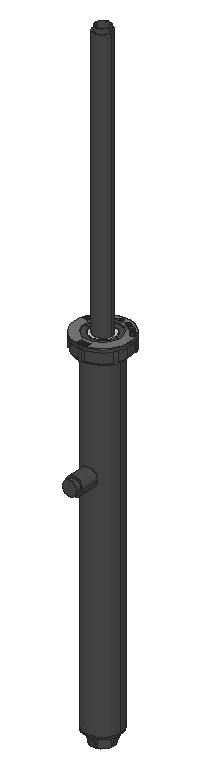
Revit family "Spray Bodies 1800-SAM-PRS Series", category Acessórios do tubo, Revit 2020
Family settings
  Cota do conector redondo = Utilizar diâmetro
  Tipo de parte = Normal
  Número OmniClass = 23.60.30.11.14
  Título OmniClass = Pipework Fittings
  Com base no plano de trabalho = Não
  Sempre na vertical = Sim
  Corte com vazios quando carregada = Não
  Compartilhado = Não
Parameters (values of type "1812-SAM-PRS")
  White Plastic = White Plastic
  URL = "https://www.rainbird.com/"
  SupportProjetos: Reviw Date = "15/11/2020"  # constant formula
  SupportProjetos: Reviw = "R01"  # constant formula
  SupportProjetos: Level of Detail = "LOD 300"  # constant formula
  SupportProjetos: Developed = "MICHEL SOARES MOTA"  # constant formula
  SupportProjetos: Creation Date = "13/07/2020"  # constant formula
  Side inlet = Model > 1805  # yes
  RainBird: Product Link = "https://store.rainbird.com/sprinklers/spray-heads.html?sprays_sprayheadseries=117"
  RainBird: Description = "Spray Bodies Serie 1800 - Model 1812-SAM-PRS"
  RainBird: Comment [instance] = ""
  RainBird: Code = "A43816"
  RT = 0.3015 cm
  RN = 1 cm
  R5 = 1 cm
  R4 = 1.25 cm
  R3 = 2 cm
  R2 = 2.85 cm
  R1 = 1 cm
  R-VAN = yes
  Pop up height = 30.5 cm
  Pop up on [instance] = yes
  Modelo = "1812-SAM-PRS"
  Model = 1812
  H1 = Body height / 3  # 13.5333 cm
  Elevação padrão = 0 cm
  Descrição = RainBird: Description  # "Spray Bodies Serie 1800 - Model 1812-SAM-PRS"
  DT8 = 0.08 cm
  DT7 = 3.05 cm
  DT6 = 2 cm
  DT5 = 0.12 cm
  DT4 = 0.5 cm
  DT3 = 0.7973 cm
  DT2 = 1 cm
  DT1 = 1.4 cm
  DD9 = 2 cm
  DD8 [instance] = if(Pop up on, Pop up height, 0 cm)  # 30.5 cm
  DD7 = 0.6 cm
  DD6 = 0.3 cm
  DD5 = 0.2 cm
  DD3 = 1.8 cm
  DD2 = 0.5 cm
  DD13 = 1.5 cm
  DD12 [instance] = if(Pop up on, Pop up height + 1.51 cm, 0 cm)  # 32.01 cm
  DD11 = 0.6254 cm
  DD10 = 2.5 cm
  DD1 = 1.2 cm
  Conection = 1.91 cm  # constant formula
  Body height = 40.6 cm
  Black Plastic 2 = Black Plastic 2
  Black Plastic = Black Plastic
  Arch Angle [instance] = 180.00°
  AA1 = 135.00°
  1812 = yes
  1806 = no
  1804 = no
  180 = no
Types (4, lengths in cm): name | Side inlet | RainBird: Description | RainBird: Code | Pop up height | Modelo | Model | H1 | Descrição | DD9 | DD8 | DD12 | DD11 | DD10 | Body height | 1812 | 1806 | 1804 | 180
  (no name) | yes | "Spray Bodies Serie 1800 - Model 1812-SAM-PRS" | "A43816" | 30.5 | "1812-SAM-PRS" | 1812 | 13.5333 | "Spray Bodies Serie 1800 - Model 1812-SAM-PRS" | 2 | 30.5 | 32.01 | 0.6254 | 2.5 | 40.6 | yes | no | no | no
  1804-SAM-PRS | no | "Spray Bodies Serie 1800 - Model 1804-SAM-PRS" | "A44916" | 10.2 | "1804-SAM-PRS" | 1804 | 5.0667 | "Spray Bodies Serie 1800 - Model 1804-SAM-PRS" | 1.3673 | 10.2 | 11.71 | 0.2 | 2.7818 | 15.2 | no | no | yes | yes
  1806-SAM-PRS | yes | "Spray Bodies Serie 1800 - Model 1806-SAM-PRS" | "A43716" | 15.2 | "1806-SAM-PRS" | 1806 | 7.9333 | "Spray Bodies Serie 1800 - Model 1806-SAM-PRS" | 1.3673 | 15.2 | 16.71 | 0.1 | 2.7818 | 23.8 | no | yes | no | yes
  1812-SAM-PRS | yes | "Spray Bodies Serie 1800 - Model 1812-SAM-PRS" | "A43816" | 30.5 | "1812-SAM-PRS" | 1812 | 13.5333 | "Spray Bodies Serie 1800 - Model 1812-SAM-PRS" | 2 | 30.5 | 32.01 | 0.6254 | 2.5 | 40.6 | yes | no | no | no
Reference planes (cm)
  plane 1 "Centro (Frente/Trás)": y = 0
  plane 2: z = 0
  plane 3 "Centro (Esquerda/Direita)": x = 0
  plane 4: z = 0.12
  plane 5: z = 0.08
  plane 6: y = -2
Forms (cm)
  Revolve 1, solid, material "Black Plastic" <- "Black Plastic"
    sketch origin (0, 0, 0) x (1, 0, 0) y (0, 0, 1)
      loop
        line (2.85, -1.5672) -> (2.85, -0.3) -> (3.05, -0.3) -> (3.05, 0) -> (1.4, 0) -> (1.4, -1) -> (1, -1) -> (1, -30.5) -> (0.6, -30.5) -> (0.6, -39.4) -> (1, -39.4) -> (1, -40.6) -> (1.25, -40.6) -> (1.25, -39.4) -> (1.6985, -39.4)
        arc (1.6985, -39.4) -> (1.9117, -39.3117) -> (2, -39.0985) r 0.3015
        line (2, -39.0985) -> (2, -2.1015)
        arc (2, -2.1015) -> (2.0883, -1.8883) -> (2.3015, -1.8) r 0.3015
        line (2.3015, -1.8) -> (2.6172, -1.8) -> (2.85, -1.5672)
      axis (0, -40.6) -> (0, 0)
    angle from 0 to 360
  Extrusion 2, solid, material "Black Plastic" <- "Black Plastic"
    sketch origin (0, 0, 0) x (1, 0, 0) y (0, 1, 0)
      loop
        circle (0, 0) r 1
    from -30.5 to 30.5
  Extrusion 3, void
    sketch origin (0, 0, 0) x (1, 0, 0) y (0, 1, 0)
      loop
        circle (0, 0) r 1
      loop
        circle (0, 0) r 0.7973
    from 30 to 30.5
  Extrusion 4, solid, material "Black Plastic" <- "Black Plastic", visible <- "180"
    sketch origin (0, -2.5, 0) x (1, 0, 0) y (0, 1, 0)
      loop
        line (-2.231, 3.2135) -> (-2.1644, 3.3339) -> (-2.3679, 3.3844) -> (-2.2992, 3.5085) -> (-2.0365, 3.4904) -> (-1.9715, 3.608) -> (-2.2887, 3.6298) -> (-2.4263, 3.706) -> (-2.6398, 3.6445) -> (-2.8298, 3.3622) -> (-2.231, 3.2135)
      loop
        line (-2.6663, 3.4585) -> (-2.4339, 3.4008) -> (-2.3526, 3.5478) -> (-2.4178, 3.6107) -> (-2.5587, 3.5701) -> (-2.6663, 3.4585)
      loop
        line (-1.9163, 3.7039) -> (-1.8175, 3.8064) -> (-1.8808, 3.8933) -> (-1.7232, 4.0568) -> (-1.6371, 4.0092) -> (-1.5763, 4.1193) -> (-2.1283, 4.1963) -> (-2.2118, 4.1098) -> (-1.9163, 3.7039)
      loop
        line (-2.0723, 4.0915) -> (-1.9537, 3.9286) -> (-1.8139, 4.0736) -> (-2.0723, 4.0915)
      loop
        line (-1.8177, 4.5186) -> (-1.3486, 4.2146) -> (-1.2727, 4.2934) -> (-1.7417, 4.5974) -> (-1.8177, 4.5186)
      loop
        line (-1.1151, 4.372) -> (-1.0305, 4.4599) -> (-1.2636, 4.6846) -> (-0.7593, 4.6142) -> (-0.6667, 4.7103) -> (-1.0803, 5.0567) -> (-1.1605, 4.9984) -> (-0.8466, 4.7354) -> (-1.4131, 4.8145) -> (-1.5049, 4.7477) -> (-1.1151, 4.372)
      loop
        line (-0.4562, 4.9237) -> (-0.283, 4.8466) -> (-0.0843, 4.7934) -> (0, 4.9138) -> (0.2358, 4.8722) -> (0.2981, 4.9345) -> (0.116, 5.0156) -> (0.2085, 5.1477) -> (-0.0336, 5.3172) -> (-0.0336, 5.1849) -> (-0.0336, 5.0821) -> (-0.1724, 5.1439) -> (-0.2428, 5.1033) -> (-0.1476, 5.0081) -> (-0.274, 4.9621) -> (-0.4562, 4.9237)
      loop
        line (0.6147, 4.7728) -> (0.9327, 4.5929) -> (1.0885, 4.5721) -> (1.1808, 4.6694) -> (1.1317, 4.7723) -> (1.2619, 4.7549) -> (1.334, 4.8309) -> (1.2754, 4.9539) -> (0.9573, 5.1338) -> (0.6147, 4.7728)
      loop
        line (0.8462, 4.8897) -> (0.7501, 4.7884) -> (0.9556, 4.6722) -> (1.0744, 4.6732) -> (1.0734, 4.7801) -> (0.8462, 4.8897)
      loop
        line (0.9989, 5.0507) -> (0.9222, 4.9699) -> (1.1173, 4.8595) -> (1.2037, 4.8602) -> (1.1883, 4.9435) -> (0.9989, 5.0507)
      loop
        line (1.2199, 4.4305) -> (1.3171, 4.3754) -> (1.7079, 4.7092) -> (1.6106, 4.7642) -> (1.2199, 4.4305)
      loop
        line (1.9335, 4.5079) -> (1.472, 4.2878) -> (1.5637, 4.2008) -> (1.7245, 4.2775) -> (1.8813, 4.1484) -> (1.7689, 4.0299) -> (1.857, 3.9063) -> (1.985, 3.9976) -> (2.0031, 4.1334) -> (2.1114, 4.0951) -> (2.2369, 4.155) -> (2.156, 4.3246) -> (1.9335, 4.5079)
      loop
        line (1.9261, 4.4053) -> (1.8225, 4.3559) -> (1.9436, 4.2141) -> (2.1112, 4.2155) -> (2.0556, 4.3321) -> (1.9261, 4.4053)
      loop
        line (1.9557, 3.8215) -> (2.1968, 3.4836) -> (2.3925, 3.4143) -> (2.7137, 3.5675) -> (2.6804, 3.6964) -> (2.4921, 3.9603) -> (1.9557, 3.8215)
      loop
        line (2.1302, 3.7523) -> (2.2577, 3.5736) -> (2.4889, 3.5756) -> (2.5959, 3.652) -> (2.4629, 3.8384) -> (2.1302, 3.7523)
      loop
        line (-0.516, -0.0627) -> (-0.4245, -0.0627) -> (-0.4245, -0.3834) -> (-0.3366, -0.3834) -> (-0.3366, 0.1166) -> (-0.516, -0.0627)
      loop
        line (-0.2745, 0.1165) -> (-0.2745, -0.3834) -> (-0.0345, -0.3834) -> (-0.0345, 0.1165) -> (-0.2745, 0.1165)
      loop
        line (-0.1945, 0.0365) -> (-0.1945, -0.0861) -> (-0.1145, -0.0861) -> (-0.1145, 0.0365) -> (-0.1945, 0.0365)
      loop
        line (-0.1945, -0.1661) -> (-0.1945, -0.3034) -> (-0.1145, -0.3034) -> (-0.1145, -0.1661) -> (-0.1945, -0.1661)
      loop
        line (0.0395, 0.1165) -> (0.0395, -0.3834) -> (0.2795, -0.3834) -> (0.2795, 0.1165) -> (0.0395, 0.1165)
      loop
        line (0.1195, 0.0365) -> (0.1195, -0.3034) -> (0.1995, -0.3034) -> (0.1995, 0.0365) -> (0.1195, 0.0365)
    from 0 to 0.12
  Extrusion 5, solid, material "Black Plastic 2" <- "Black Plastic 2"
    sketch origin (0, 0, 0) x (1, 0, 0) y (0, 1, 0)
      loop
        circle (0, 0) r 3.05
      loop
        circle (0, 0) r 2
    from 0 to 0.08
  Extrusion 6, solid, material "Black Plastic" <- "Black Plastic", visible <- "Side inlet"
    sketch origin (0, 0, 0) x (1, 0, 0) y (0, 0, 1)
      loop
        circle (0, -13.5333) r 1
    from 2 to 4
  Extrusion 7, solid, material "Black Plastic" <- "Black Plastic", visible <- "Side inlet"
    sketch origin (0, 0, 0) x (1, 0, 0) y (0, 0, 1)
      loop
        circle (0, -13.5333) r 0.7964
    from 4 to 4.5
  Extrusion 8, void
    sketch origin (0, 0, 0) x (1, 0, 0) y (0, 1, 0)
      loop
        circle (0, 0) r 0.6963
    from -30.5 to 30.5
  Extrusion 9, solid, material "Black Plastic" <- "Black Plastic"
    sketch origin (0, 0, 0) x (0, 1, 0) y (0, 0, 1)
      loop
        line (1.25, -39.4) -> (1.25, -40.6) -> (1.75, -39.4) -> (1.25, -39.4)
      loop
        line (-1.25, -39.4) -> (-1.75, -39.4) -> (-1.25, -40.6) -> (-1.25, -39.4)
    from -0.3127 to 0.3127
  Extrusion 10, solid, material "Black Plastic" <- "Black Plastic"
    sketch origin (0, 0, 0) x (-1, 0, 0) y (0, 0, 1)
      loop
        line (1.25, -39.4) -> (1.25, -40.6) -> (1.75, -39.4) -> (1.25, -39.4)
      loop
        line (-1.25, -39.4) -> (-1.75, -39.4) -> (-1.25, -40.6) -> (-1.25, -39.4)
    from -0.3127 to 0.3127
  Extrusion 11, solid, material "Black Plastic" <- "Black Plastic", visible <- "1804"
    sketch origin (0.5778, -2.5, 0) x (1, 0, 0) y (0, 1, 0)
      loop
        line (-0.268, -0.156) -> (-0.108, -0.156) -> (-0.108, -0.3834) -> (-0.024, -0.3834) -> (-0.024, 0.1165) -> (-0.108, 0.1165) -> (-0.108, -0.0861) -> (-0.188, -0.0861) -> (-0.188, 0.1165) -> (-0.268, 0.1165) -> (-0.268, -0.156)
    from 0 to 0.12
  Extrusion 12, solid, material "Black Plastic" <- "Black Plastic", visible <- "1806"
    sketch origin (0.5778, -2.5, 0) x (1, 0, 0) y (0, 1, 0)
      loop
        line (-0.268, -0.3834) -> (-0.024, -0.3834) -> (-0.024, -0.0861) -> (-0.188, -0.0861) -> (-0.188, 0.0365) -> (-0.024, 0.0365) -> (-0.024, 0.1165) -> (-0.268, 0.1165) -> (-0.268, -0.3834)
      loop
        line (-0.188, -0.1661) -> (-0.188, -0.3034) -> (-0.108, -0.3034) -> (-0.108, -0.1661) -> (-0.188, -0.1661)
    from 0 to 0.12
  Extrusion 13, solid, material "Black Plastic" <- "Black Plastic", visible <- "1812"
    sketch origin (0, -2.5, 0) x (1, 0, 0) y (0, 1, 0)
      loop
        line (-2.231, 3.2135) -> (-2.1644, 3.3339) -> (-2.3679, 3.3844) -> (-2.2992, 3.5085) -> (-2.0365, 3.4904) -> (-1.9715, 3.608) -> (-2.2887, 3.6298) -> (-2.4263, 3.706) -> (-2.6398, 3.6445) -> (-2.8298, 3.3622) -> (-2.231, 3.2135)
      loop
        line (-2.6663, 3.4585) -> (-2.4339, 3.4008) -> (-2.3526, 3.5478) -> (-2.4178, 3.6107) -> (-2.5587, 3.5701) -> (-2.6663, 3.4585)
      loop
        line (-1.9163, 3.7039) -> (-1.8175, 3.8064) -> (-1.8808, 3.8933) -> (-1.7232, 4.0568) -> (-1.6371, 4.0092) -> (-1.5763, 4.1193) -> (-2.1283, 4.1963) -> (-2.2118, 4.1098) -> (-1.9163, 3.7039)
      loop
        line (-2.0723, 4.0915) -> (-1.9537, 3.9286) -> (-1.8139, 4.0736) -> (-2.0723, 4.0915)
      loop
        line (-1.8177, 4.5186) -> (-1.3486, 4.2146) -> (-1.2727, 4.2934) -> (-1.7417, 4.5974) -> (-1.8177, 4.5186)
      loop
        line (-1.1151, 4.372) -> (-1.0305, 4.4599) -> (-1.2636, 4.6846) -> (-0.7593, 4.6142) -> (-0.6667, 4.7103) -> (-1.0803, 5.0567) -> (-1.1605, 4.9984) -> (-0.8466, 4.7354) -> (-1.4131, 4.8145) -> (-1.5049, 4.7477) -> (-1.1151, 4.372)
      loop
        line (-0.4562, 4.9237) -> (-0.283, 4.8466) -> (-0.0843, 4.7934) -> (0, 4.9138) -> (0.2358, 4.8722) -> (0.2981, 4.9345) -> (0.116, 5.0156) -> (0.2085, 5.1477) -> (-0.0336, 5.3172) -> (-0.0336, 5.1849) -> (-0.0336, 5.0821) -> (-0.1724, 5.1439) -> (-0.2428, 5.1033) -> (-0.1476, 5.0081) -> (-0.274, 4.9621) -> (-0.4562, 4.9237)
      loop
        line (0.6147, 4.7728) -> (0.9327, 4.5929) -> (1.0885, 4.5721) -> (1.1808, 4.6694) -> (1.1317, 4.7723) -> (1.2619, 4.7549) -> (1.334, 4.8309) -> (1.2754, 4.9539) -> (0.9573, 5.1338) -> (0.6147, 4.7728)
      loop
        line (0.8462, 4.8897) -> (0.7501, 4.7884) -> (0.9556, 4.6722) -> (1.0744, 4.6732) -> (1.0734, 4.7801) -> (0.8462, 4.8897)
      loop
        line (0.9989, 5.0507) -> (0.9222, 4.9699) -> (1.1173, 4.8595) -> (1.2037, 4.8602) -> (1.1883, 4.9435) -> (0.9989, 5.0507)
      loop
        line (1.2199, 4.4305) -> (1.3171, 4.3754) -> (1.7079, 4.7092) -> (1.6106, 4.7642) -> (1.2199, 4.4305)
      loop
        line (1.9335, 4.5079) -> (1.472, 4.2878) -> (1.5637, 4.2008) -> (1.7245, 4.2775) -> (1.8813, 4.1484) -> (1.7689, 4.0299) -> (1.857, 3.9063) -> (1.985, 3.9976) -> (2.0031, 4.1334) -> (2.1114, 4.0951) -> (2.2369, 4.155) -> (2.156, 4.3246) -> (1.9335, 4.5079)
      loop
        line (1.9261, 4.4053) -> (1.8225, 4.3559) -> (1.9436, 4.2141) -> (2.1112, 4.2155) -> (2.0556, 4.3321) -> (1.9261, 4.4053)
      loop
        line (1.9557, 3.8215) -> (2.1968, 3.4836) -> (2.3925, 3.4143) -> (2.7137, 3.5675) -> (2.6804, 3.6964) -> (2.4921, 3.9603) -> (1.9557, 3.8215)
      loop
        line (2.1302, 3.7523) -> (2.2577, 3.5736) -> (2.4889, 3.5756) -> (2.5959, 3.652) -> (2.4629, 3.8384) -> (2.1302, 3.7523)
      loop
        line (-0.516, -0.0625) -> (-0.4245, -0.0625) -> (-0.4245, -0.3832) -> (-0.3366, -0.3832) -> (-0.3366, 0.1168) -> (-0.516, -0.0625)
      loop
        line (-0.2745, 0.1166) -> (-0.2745, -0.3832) -> (-0.0345, -0.3832) -> (-0.0345, 0.1166) -> (-0.2745, 0.1166)
      loop
        line (-0.1945, 0.0366) -> (-0.1945, -0.086) -> (-0.1145, -0.086) -> (-0.1145, 0.0366) -> (-0.1945, 0.0366)
      loop
        line (-0.1945, -0.166) -> (-0.1945, -0.3032) -> (-0.1145, -0.3032) -> (-0.1145, -0.166) -> (-0.1945, -0.166)
      loop
        line (0.2795, 0.1166) -> (0.1002, -0.0625) -> (0.1916, -0.0625) -> (0.1916, -0.3831) -> (0.2795, -0.3831) -> (0.2795, 0.1166)
      loop
        line (0.3097, 0.1165) -> (0.3097, 0.0365) -> (0.4697, 0.0365) -> (0.4697, -0.0861) -> (0.3097, -0.0861) -> (0.3097, -0.3834) -> (0.5537, -0.3834) -> (0.5537, -0.3032) -> (0.3897, -0.3032) -> (0.3897, -0.1664) -> (0.5537, -0.1664) -> (0.5537, 0.1165) -> (0.3097, 0.1165)
    from 0 to 0.12
  Extrusion 14, solid, material "Black Plastic" <- "Black Plastic"
    sketch origin (0, 0, 0) x (1, 0, 0) y (0, 1, 0)
      loop
        line (-0.1873, 3.0442) -> (-0.1873, 2.8126)
        arc (-0.1873, 2.8126) -> (0, 2.8188) -> (0.1873, 2.8126) r 2.8188
        line (0.1873, 2.8126) -> (0.1873, 3.0442)
        arc (0.1873, 3.0442) -> (0, 3.05) -> (-0.1873, 3.0442) r 3.05
      loop
        arc (-0.1873, -3.0442) -> (0, -3.05) -> (0.1873, -3.0442) r 3.05
        line (0.1873, -3.0442) -> (0.1873, -2.8126)
        arc (0.1873, -2.8126) -> (0, -2.8188) -> (-0.1873, -2.8126) r 2.8188
        line (-0.1873, -2.8126) -> (-0.1873, -3.0442)
      loop
        line (-2.73, 1.3599) -> (-2.5294, 1.2441)
        arc (-2.5294, 1.2441) -> (-2.4411, 1.4094) -> (-2.3421, 1.5685) r 2.8188
        line (-2.3421, 1.5685) -> (-2.5427, 1.6843)
        arc (-2.5427, 1.6843) -> (-2.6414, 1.525) -> (-2.73, 1.3599) r 3.05
      loop
        arc (2.5427, -1.6843) -> (2.6414, -1.525) -> (2.73, -1.3599) r 3.05
        line (2.73, -1.3599) -> (2.5294, -1.2441)
        arc (2.5294, -1.2441) -> (2.4411, -1.4094) -> (2.3421, -1.5685) r 2.8188
        line (2.3421, -1.5685) -> (2.5427, -1.6843)
      loop
        line (-2.5427, -1.6843) -> (-2.3421, -1.5685)
        arc (-2.3421, -1.5685) -> (-2.4411, -1.4094) -> (-2.5294, -1.2441) r 2.8188
        line (-2.5294, -1.2441) -> (-2.73, -1.3599)
        arc (-2.73, -1.3599) -> (-2.6414, -1.525) -> (-2.5427, -1.6843) r 3.05
      loop
        arc (2.73, 1.3599) -> (2.6414, 1.525) -> (2.5427, 1.6843) r 3.05
        line (2.5427, 1.6843) -> (2.3421, 1.5685)
        arc (2.3421, 1.5685) -> (2.4411, 1.4094) -> (2.5294, 1.2441) r 2.8188
        line (2.5294, 1.2441) -> (2.73, 1.3599)
    from -1.5672 to -0.3
Cuts and joins
  Extrusion 3, Extrusion 8 cuts Extrusion 2
Dimensions and locks (cm)
  "Body height": level to Revolve 1 sketch curve
  "R2": Revolve 1 sketch curve to plane 3 "Centro (Esquerda/Direita)"
  "DD1": Revolve 1 sketch curve to Revolve 1 sketch curve
  "DD3": level to Revolve 1 sketch curve
  "R3": Revolve 1 sketch curve to plane 3 "Centro (Esquerda/Direita)"
  "R4": Revolve 1 sketch curve to plane 3 "Centro (Esquerda/Direita)"
  "DD5": Revolve 1 sketch curve to Revolve 1 sketch curve
  "DD6": level to Revolve 1 sketch curve
  "RN": Revolve 1 sketch curve to plane 3 "Centro (Esquerda/Direita)"
  "Pop up height": level to Revolve 1 sketch curve
  "R5": plane 3 "Centro (Esquerda/Direita)" to Revolve 1 sketch curve
  "DD7": Revolve 1 sketch curve to plane 3 "Centro (Esquerda/Direita)"
  "DT1": plane 3 "Centro (Esquerda/Direita)" to Revolve 1 sketch curve
  "DT2": level to Revolve 1 sketch curve
  "DD8": Extrusion 2 to level
  "DT4": cut or joined group of Extrusion 2, Extrusion 3, Extrusion 8 to cut or joined group of Extrusion 2, Extrusion 3, Extrusion 8
  "DT5": plane 4 to level
  "DT8": plane 5 to level
  "H1": level to Extrusion 6 sketch curve
  "R3": plane 6 to plane 1 "Centro (Frente/Trás)"
  "DD9": Extrusion 6 to plane 6
  locked: Extrusion 7 to Extrusion 6 at 0.5
  "H1": level to Extrusion 7 sketch curve
  equal spacing: Extrusion 9, plane 3 "Centro (Esquerda/Direita)", Extrusion 9
  "DD11": Extrusion 9 to Extrusion 9
  equal spacing: Extrusion 10, plane 1 "Centro (Frente/Trás)", Extrusion 10
  "DD11": Extrusion 10 to Extrusion 10
  plane 3 "Centro (Esquerda/Direita)" to Extrusion 14 = 0.1873 cm
  "RT": radius of Revolve 1 sketch curve  (x2)
  "R1": radius of Extrusion 2 sketch curve
  "R1": radius of Extrusion 3 sketch curve
  "DT3": radius of Extrusion 3 sketch curve
  "DT6": radius of Extrusion 5 sketch curve
  "DT7": radius of Extrusion 5 sketch curve
  "AA1": angle Revolve 1 sketch curve to Revolve 1 sketch curve
  aligned and locked: level to plane 2
  aligned and locked: level to Revolve 1 sketch curve
  aligned and locked: Revolve 1 sketch curve to Revolve 1 sketch curve
  aligned and locked: Extrusion 2 to Revolve 1
  aligned and locked: cut or joined group of Extrusion 2, Extrusion 3, Extrusion 8 to cut or joined group of Extrusion 2, Extrusion 3, Extrusion 8  (x3)
  aligned and locked: Extrusion 4 to level
  aligned and locked: plane 4 to Extrusion 4
  aligned and locked: Extrusion 5 to level
  aligned and locked: plane 5 to Extrusion 5
  aligned and locked: plane 6 to Extrusion 6
  aligned and locked: Extrusion 7 to Extrusion 6
  aligned and locked: Extrusion 9 to Revolve 1
  aligned and locked: Extrusion 10 to Revolve 1
  aligned and locked: Revolve 1 to Extrusion 10
  aligned and locked: Revolve 1 to Extrusion 9
  aligned and locked: Revolve 1 to Extrusion 14  (x2)
Automatic sketch dimensions
  plane 1 "Centro (Frente/Trás)" to Extrusion 2 sketch curve = 0 cm
  Extrusion 2 sketch curve to plane 3 "Centro (Esquerda/Direita)" = 0 cm
  Extrusion 4 sketch curve to plane 3 "Centro (Esquerda/Direita)" = 0 cm
  Extrusion 4 sketch curve to plane 3 "Centro (Esquerda/Direita)" = 0.0336 cm
  Extrusion 4 sketch curve to plane 3 "Centro (Esquerda/Direita)" = 0.0345 cm
  Extrusion 4 sketch curve to plane 3 "Centro (Esquerda/Direita)" = 0.0843 cm
  Extrusion 4 sketch curve to plane 3 "Centro (Esquerda/Direita)" = 0.1145 cm
  Extrusion 4 sketch curve to Extrusion 4 sketch curve = 0.08 cm  (x11)
  Extrusion 4 sketch curve to Extrusion 4 sketch curve = 0.114 cm
  Extrusion 4 sketch curve to Extrusion 4 sketch curve = 0.0248 cm
  Extrusion 4 sketch curve to Extrusion 4 sketch curve = 0.0704 cm
  Extrusion 4 sketch curve to Extrusion 4 sketch curve = 0.1264 cm
  Extrusion 4 sketch curve to Extrusion 4 sketch curve = 0.009 cm
  Extrusion 4 sketch curve to Extrusion 4 sketch curve = 0.0622 cm  (x3)
  Extrusion 4 sketch curve to Extrusion 4 sketch curve = 0.0879 cm
  Extrusion 4 sketch curve to Extrusion 4 sketch curve = 0.1822 cm
  Extrusion 4 sketch curve to Extrusion 4 sketch curve = 0.0914 cm
  Extrusion 4 sketch curve to Extrusion 4 sketch curve = 0.2105 cm
  Extrusion 4 sketch curve to Extrusion 4 sketch curve = 0.0927 cm
  Extrusion 4 sketch curve to Extrusion 4 sketch curve = 0.0872 cm  (x2)
  Extrusion 4 sketch curve to Extrusion 4 sketch curve = 0.2711 cm
  Extrusion 4 sketch curve to Extrusion 4 sketch curve = 0.2338 cm
  Extrusion 4 sketch curve to Extrusion 4 sketch curve = 0.0847 cm  (x2)
  Extrusion 4 sketch curve to Extrusion 4 sketch curve = 0.0802 cm
  Extrusion 4 sketch curve to Extrusion 4 sketch curve = 0.2331 cm
  Extrusion 4 sketch curve to Extrusion 4 sketch curve = 0.1575 cm
  Extrusion 4 sketch curve to Extrusion 4 sketch curve = 0.0759 cm  (x2)
  Extrusion 4 sketch curve to Extrusion 4 sketch curve = 0.1495 cm
  Extrusion 4 sketch curve to Extrusion 4 sketch curve = 0.0917 cm  (x2)
  Extrusion 4 sketch curve to Extrusion 4 sketch curve = 0.2277 cm
  Extrusion 4 sketch curve to Extrusion 4 sketch curve = 0.0609 cm  (x2)
  Extrusion 4 sketch curve to Extrusion 4 sketch curve = 0.0861 cm
  Extrusion 4 sketch curve to Extrusion 4 sketch curve = 0.2369 cm
  Extrusion 4 sketch curve to Extrusion 4 sketch curve = 0.0907 cm
  Extrusion 4 sketch curve to Extrusion 4 sketch curve = 0.0037 cm
  Extrusion 4 sketch curve to Extrusion 4 sketch curve = 0.0633 cm
  Extrusion 4 sketch curve to Extrusion 4 sketch curve = 0.0988 cm
  Extrusion 4 sketch curve to Extrusion 4 sketch curve = 0.0729 cm
  Extrusion 4 sketch curve to Extrusion 4 sketch curve = 0.0551 cm
  Extrusion 4 sketch curve to plane 1 "Centro (Frente/Trás)" = 0.9904 cm
  Extrusion 4 sketch curve to Extrusion 4 sketch curve = 0.065 cm
  Extrusion 4 sketch curve to Extrusion 4 sketch curve = 0.1186 cm
  Extrusion 4 sketch curve to Extrusion 4 sketch curve = 0.056 cm
  Extrusion 4 sketch curve to plane 1 "Centro (Frente/Trás)" = 0.8339 cm
  Extrusion 4 sketch curve to Extrusion 4 sketch curve = 0.1279 cm
  Extrusion 4 sketch curve to Extrusion 4 sketch curve = 0.0835 cm
  Extrusion 4 sketch curve to plane 1 "Centro (Frente/Trás)" = 0.7135 cm
  Extrusion 4 sketch curve to Extrusion 4 sketch curve = 0.0666 cm  (x2)
  Extrusion 4 sketch curve to plane 1 "Centro (Frente/Trás)" = 1.1298 cm
  Extrusion 4 sketch curve to Extrusion 4 sketch curve = 0.2521 cm
  Extrusion 4 sketch curve to plane 1 "Centro (Frente/Trás)" = 1.0085 cm
  Extrusion 4 sketch curve to Extrusion 4 sketch curve = 0.0106 cm
  Extrusion 4 sketch curve to plane 1 "Centro (Frente/Trás)" = 1.0478 cm
  Extrusion 4 sketch curve to Extrusion 4 sketch curve = 0.0534 cm
  Extrusion 4 sketch curve to plane 1 "Centro (Frente/Trás)" = 0.8844 cm
  Extrusion 4 sketch curve to Extrusion 4 sketch curve = 0.0686 cm
  Extrusion 4 sketch curve to plane 1 "Centro (Frente/Trás)" = 1.1107 cm
  Extrusion 4 sketch curve to Extrusion 4 sketch curve = 0.0652 cm
  Extrusion 4 sketch curve to plane 1 "Centro (Frente/Trás)" = 1.206 cm
  Extrusion 4 sketch curve to Extrusion 4 sketch curve = 0.0084 cm
  Extrusion 4 sketch curve to plane 1 "Centro (Frente/Trás)" = 0.9008 cm
  Extrusion 4 sketch curve to Extrusion 4 sketch curve = 0.066 cm
  Extrusion 4 sketch curve to plane 1 "Centro (Frente/Trás)" = 1.0701 cm
  Extrusion 4 sketch curve to Extrusion 4 sketch curve = 0.1408 cm
  Extrusion 4 sketch curve to plane 1 "Centro (Frente/Trás)" = 1.1445 cm
  Extrusion 4 sketch curve to Extrusion 4 sketch curve = 0.0811 cm  (x2)
  Extrusion 4 sketch curve to plane 1 "Centro (Frente/Trás)" = 0.9585 cm
  Extrusion 4 sketch curve to Extrusion 4 sketch curve = 0.1076 cm
  Extrusion 4 sketch curve to plane 1 "Centro (Frente/Trás)" = 0.8622 cm
  Extrusion 4 sketch curve to Extrusion 4 sketch curve = 0.1635 cm
  plane 3 "Centro (Esquerda/Direita)" to Extrusion 4 sketch curve = 0.0395 cm
  plane 3 "Centro (Esquerda/Direita)" to Extrusion 4 sketch curve = 0.116 cm
  Extrusion 4 sketch curve to Extrusion 4 sketch curve = 0.0925 cm
  Extrusion 4 sketch curve to Extrusion 4 sketch curve = 0.1199 cm
  Extrusion 4 sketch curve to Extrusion 4 sketch curve = 0.3166 cm
  Extrusion 4 sketch curve to Extrusion 4 sketch curve = 0.1353 cm
  Extrusion 4 sketch curve to Extrusion 4 sketch curve = 0.0961 cm  (x2)
  Extrusion 4 sketch curve to Extrusion 4 sketch curve = 0.076 cm  (x2)
  Extrusion 4 sketch curve to Extrusion 4 sketch curve = 0.1827 cm
  Extrusion 4 sketch curve to Extrusion 4 sketch curve = 0.0229 cm
  Extrusion 4 sketch curve to Extrusion 4 sketch curve = 0.0351 cm
  Extrusion 4 sketch curve to Extrusion 4 sketch curve = 0.0416 cm
  Extrusion 4 sketch curve to Extrusion 4 sketch curve = 0.1178 cm
  Extrusion 4 sketch curve to Extrusion 4 sketch curve = 0.0009 cm
  Extrusion 4 sketch curve to Extrusion 4 sketch curve = 0.0141 cm
  Extrusion 4 sketch curve to Extrusion 4 sketch curve = 0.0439 cm
  Extrusion 4 sketch curve to Extrusion 4 sketch curve = 0.0583 cm
  Extrusion 4 sketch curve to Extrusion 4 sketch curve = 0.1064 cm
  Extrusion 4 sketch curve to Extrusion 4 sketch curve = 0.071 cm
  Extrusion 4 sketch curve to Extrusion 4 sketch curve = 0.0154 cm
  Extrusion 4 sketch curve to Extrusion 4 sketch curve = 0.1314 cm
  Extrusion 4 sketch curve to Extrusion 4 sketch curve = 0.0871 cm
  Extrusion 4 sketch curve to Extrusion 4 sketch curve = 0.0973 cm  (x3)
  Extrusion 4 sketch curve to Extrusion 4 sketch curve = 0.0721 cm
  Extrusion 4 sketch curve to Extrusion 4 sketch curve = 0.1549 cm
  Extrusion 4 sketch curve to Extrusion 4 sketch curve = 0.2766 cm
  Extrusion 4 sketch curve to Extrusion 4 sketch curve = 0.1608 cm
  Extrusion 4 sketch curve to Extrusion 4 sketch curve = 0.0443 cm
  Extrusion 4 sketch curve to Extrusion 4 sketch curve = 0.098 cm
  Extrusion 4 sketch curve to Extrusion 4 sketch curve = 0.0882 cm
  Extrusion 4 sketch curve to Extrusion 4 sketch curve = 0.1125 cm
  Extrusion 4 sketch curve to Extrusion 4 sketch curve = 0.1036 cm
  Extrusion 4 sketch curve to Extrusion 4 sketch curve = 0.0073 cm
  Extrusion 4 sketch curve to Extrusion 4 sketch curve = 0.0623 cm
  Extrusion 4 sketch curve to Extrusion 4 sketch curve = 0.0987 cm
  Extrusion 4 sketch curve to Extrusion 4 sketch curve = 0.128 cm
  Extrusion 4 sketch curve to Extrusion 4 sketch curve = 0.0595 cm
  Extrusion 4 sketch curve to Extrusion 4 sketch curve = 0.1295 cm
  Extrusion 4 sketch curve to Extrusion 4 sketch curve = 0.0556 cm
  Extrusion 4 sketch curve to Extrusion 4 sketch curve = 0.1083 cm
  Extrusion 4 sketch curve to Extrusion 4 sketch curve = 0.1745 cm
  Extrusion 4 sketch curve to Extrusion 4 sketch curve = 0.1004 cm
  Extrusion 4 sketch curve to plane 1 "Centro (Frente/Trás)" = 0.9836 cm
  Extrusion 4 sketch curve to Extrusion 4 sketch curve = 0.1255 cm
  Extrusion 4 sketch curve to plane 1 "Centro (Frente/Trás)" = 1.0736 cm
  Extrusion 4 sketch curve to plane 1 "Centro (Frente/Trás)" = 0.9143 cm
  Extrusion 4 sketch curve to Extrusion 4 sketch curve = 0.1957 cm
  Extrusion 4 sketch curve to Extrusion 4 sketch curve = 0.2053 cm
  Extrusion 4 sketch curve to plane 1 "Centro (Frente/Trás)" = 1.0756 cm
  Extrusion 4 sketch curve to Extrusion 4 sketch curve = 0.0964 cm
  Extrusion 4 sketch curve to Extrusion 4 sketch curve = 0.0292 cm
  Extrusion 4 sketch curve to plane 1 "Centro (Frente/Trás)" = 1.152 cm
  Extrusion 4 sketch curve to Extrusion 4 sketch curve = 0.107 cm
  Extrusion 4 sketch curve to plane 1 "Centro (Frente/Trás)" = 1.1964 cm
  Extrusion 4 sketch curve to Extrusion 4 sketch curve = 0.0844 cm
  Extrusion 4 sketch curve to plane 1 "Centro (Frente/Trás)" = 1.0675 cm
  Extrusion 4 sketch curve to Extrusion 4 sketch curve = 0.0333 cm
  Extrusion 4 sketch curve to plane 6 = 0.3834 cm
  Extrusion 4 sketch curve to Extrusion 4 sketch curve = 0.0001 cm
  Extrusion 4 sketch curve to Extrusion 4 sketch curve = 0 cm  (x4)
  Extrusion 4 sketch curve to Extrusion 4 sketch curve = 0.1793 cm
  Extrusion 4 sketch curve to Extrusion 4 sketch curve = 0.1226 cm
  Extrusion 4 sketch curve to Extrusion 4 sketch curve = 0.1372 cm
  Extrusion 4 sketch curve to Extrusion 4 sketch curve = 0.1176 cm
  Extrusion 4 sketch curve to Extrusion 4 sketch curve = 0.096 cm
  Extrusion 4 sketch curve to Extrusion 4 sketch curve = 0.1787 cm
  Extrusion 4 sketch curve to Extrusion 4 sketch curve = 0.1025 cm
  Extrusion 4 sketch curve to Extrusion 4 sketch curve = 0.0692 cm
  Extrusion 4 sketch curve to Extrusion 4 sketch curve = 0.0869 cm
  Extrusion 4 sketch curve to Extrusion 4 sketch curve = 0.0353 cm
  Extrusion 4 sketch curve to Extrusion 4 sketch curve = 0.1219 cm
  Extrusion 4 sketch curve to Extrusion 4 sketch curve = 0.0913 cm
  Extrusion 4 sketch curve to Extrusion 4 sketch curve = 0.1159 cm
  Extrusion 4 sketch curve to Extrusion 4 sketch curve = 0.0476 cm
  Extrusion 4 sketch curve to Extrusion 4 sketch curve = 0.0168 cm
  Extrusion 4 sketch curve to Extrusion 4 sketch curve = 0.1629 cm
  Extrusion 4 sketch curve to Extrusion 4 sketch curve = 0.0975 cm
  Extrusion 4 sketch curve to Extrusion 4 sketch curve = 0.0183 cm
  Extrusion 4 sketch curve to Extrusion 4 sketch curve = 0.0383 cm
  Extrusion 4 sketch curve to Extrusion 4 sketch curve = 0.015 cm
  Extrusion 4 sketch curve to Extrusion 4 sketch curve = 0.0599 cm
  Extrusion 4 sketch curve to Extrusion 4 sketch curve = 0.1049 cm
  Extrusion 4 sketch curve to Extrusion 4 sketch curve = 0.1709 cm
  Extrusion 4 sketch curve to Extrusion 4 sketch curve = 0.0657 cm
  Extrusion 4 sketch curve to Extrusion 4 sketch curve = 0.0953 cm
  Extrusion 4 sketch curve to Extrusion 4 sketch curve = 0.1091 cm
  Extrusion 4 sketch curve to Extrusion 4 sketch curve = 0.0767 cm
  Extrusion 4 sketch curve to Extrusion 4 sketch curve = 0.087 cm
  Extrusion 4 sketch curve to Extrusion 4 sketch curve = 0.0788 cm  (x3)
  Extrusion 4 sketch curve to Extrusion 4 sketch curve = 0.0074 cm
  Extrusion 4 sketch curve to Extrusion 4 sketch curve = 0.0783 cm
  Extrusion 4 sketch curve to Extrusion 4 sketch curve = 0.0787 cm
  Extrusion 4 sketch curve to Extrusion 4 sketch curve = 0.0876 cm
  Extrusion 4 sketch curve to Extrusion 4 sketch curve = 0.0494 cm
  Extrusion 4 sketch curve to Extrusion 4 sketch curve = 0.055 cm  (x2)
  Extrusion 4 sketch curve to Extrusion 4 sketch curve = 0.0878 cm
  Extrusion 4 sketch curve to Extrusion 4 sketch curve = 0.1026 cm
  Extrusion 4 sketch curve to Extrusion 4 sketch curve = 0.2291 cm
  Extrusion 4 sketch curve to Extrusion 4 sketch curve = 0.1417 cm
  Extrusion 4 sketch curve to Extrusion 4 sketch curve = 0.0208 cm
  Extrusion 4 sketch curve to Extrusion 4 sketch curve = 0.1543 cm
  Extrusion 4 sketch curve to Extrusion 4 sketch curve = 0.0792 cm
  Extrusion 4 sketch curve to Extrusion 4 sketch curve = 0.1011 cm
  Extrusion 4 sketch curve to Extrusion 4 sketch curve = 0.2013 cm
  Extrusion 4 sketch curve to Extrusion 4 sketch curve = 0.1212 cm
  Extrusion 4 sketch curve to Extrusion 4 sketch curve = 0.0855 cm
  Extrusion 4 sketch curve to Extrusion 4 sketch curve = 0.0078 cm
  Extrusion 4 sketch curve to Extrusion 4 sketch curve = 0.1007 cm
  Extrusion 4 sketch curve to Extrusion 4 sketch curve = 0.0156 cm
  Extrusion 4 sketch curve to Extrusion 4 sketch curve = 0.0831 cm
  Extrusion 4 sketch curve to Extrusion 4 sketch curve = 0.0668 cm
  Extrusion 4 sketch curve to Extrusion 4 sketch curve = 0.0532 cm
  Extrusion 4 sketch curve to Extrusion 4 sketch curve = 0.0008 cm
  Extrusion 4 sketch curve to Extrusion 4 sketch curve = 0.1013 cm
  Extrusion 4 sketch curve to Extrusion 4 sketch curve = 0.1204 cm
  Extrusion 4 sketch curve to Extrusion 4 sketch curve = 0.0771 cm
  Extrusion 4 sketch curve to Extrusion 4 sketch curve = 0.0832 cm  (x2)
  Extrusion 4 sketch curve to Extrusion 4 sketch curve = 0.0104 cm
  Extrusion 4 sketch curve to Extrusion 4 sketch curve = 0.1155 cm
  Extrusion 4 sketch curve to Extrusion 4 sketch curve = 0.0801 cm
  Extrusion 4 sketch curve to Extrusion 4 sketch curve = 0.1839 cm
  Extrusion 4 sketch curve to Extrusion 4 sketch curve = 0.046 cm
  Extrusion 4 sketch curve to Extrusion 4 sketch curve = 0.1018 cm
  Extrusion 4 sketch curve to Extrusion 4 sketch curve = 0.0808 cm
  Extrusion 4 sketch curve to Extrusion 4 sketch curve = 0.0584 cm
  Extrusion 4 sketch curve to Extrusion 4 sketch curve = 0.074 cm
  Extrusion 4 sketch curve to Extrusion 4 sketch curve = 0.0952 cm
  Extrusion 4 sketch curve to Extrusion 4 sketch curve = 0.0406 cm
  Extrusion 4 sketch curve to Extrusion 4 sketch curve = 0.1321 cm
  Extrusion 4 sketch curve to Extrusion 4 sketch curve = 0.1028 cm
  plane 1 "Centro (Frente/Trás)" to Extrusion 8 sketch curve = 0 cm
  Extrusion 8 sketch curve to plane 3 "Centro (Esquerda/Direita)" = 0 cm
  plane 6 to Extrusion 9 sketch curve = 0.25 cm
  plane 6 to Extrusion 9 sketch curve = 0.75 cm
  Extrusion 9 sketch curve to plane 1 "Centro (Frente/Trás)" = 1.25 cm
  Extrusion 9 sketch curve to Extrusion 9 sketch curve = 0.5 cm
  Extrusion 9 sketch curve to level = 40.6 cm
  Extrusion 9 sketch curve to Extrusion 9 sketch curve = 0 cm
  Extrusion 9 sketch curve to Extrusion 9 sketch curve = 1.2 cm  (x2)
  plane 3 "Centro (Esquerda/Direita)" to Extrusion 10 sketch curve = 1.75 cm
  plane 3 "Centro (Esquerda/Direita)" to Extrusion 10 sketch curve = 1.25 cm
  Extrusion 10 sketch curve to plane 3 "Centro (Esquerda/Direita)" = 1.25 cm
  Extrusion 10 sketch curve to Extrusion 10 sketch curve = 0.5 cm
  Extrusion 10 sketch curve to level = 40.6 cm
  Extrusion 10 sketch curve to Extrusion 10 sketch curve = 0 cm
  Extrusion 10 sketch curve to Extrusion 10 sketch curve = 1.2 cm  (x2)
  plane 3 "Centro (Esquerda/Direita)" to Extrusion 11 sketch curve = 0.3097 cm
  Extrusion 11 sketch curve to Extrusion 11 sketch curve = 0.08 cm  (x2)
  Extrusion 11 sketch curve to Extrusion 11 sketch curve = 0 cm  (x2)
  Extrusion 11 sketch curve to Extrusion 11 sketch curve = 0.084 cm
  Extrusion 11 sketch curve to plane 6 = 0.8834 cm
  Extrusion 11 sketch curve to Extrusion 11 sketch curve = 0.2273 cm
  Extrusion 11 sketch curve to Extrusion 11 sketch curve = 0.0699 cm
  Extrusion 11 sketch curve to Extrusion 11 sketch curve = 0.2026 cm
  plane 3 "Centro (Esquerda/Direita)" to Extrusion 12 sketch curve = 0.3097 cm
  Extrusion 12 sketch curve to Extrusion 12 sketch curve = 0.08 cm  (x6)
  Extrusion 12 sketch curve to Extrusion 12 sketch curve = 0.084 cm
  Extrusion 12 sketch curve to Extrusion 12 sketch curve = 0.164 cm
  Extrusion 12 sketch curve to plane 6 = 0.8834 cm
  Extrusion 12 sketch curve to Extrusion 12 sketch curve = 0.1372 cm
  Extrusion 12 sketch curve to Extrusion 12 sketch curve = 0.1226 cm
  Extrusion 13 sketch curve to plane 3 "Centro (Esquerda/Direita)" = 0 cm
  Extrusion 13 sketch curve to plane 3 "Centro (Esquerda/Direita)" = 0.0336 cm
  Extrusion 13 sketch curve to plane 3 "Centro (Esquerda/Direita)" = 0.0345 cm
  Extrusion 13 sketch curve to plane 3 "Centro (Esquerda/Direita)" = 0.0843 cm
  Extrusion 13 sketch curve to plane 3 "Centro (Esquerda/Direita)" = 0.1145 cm
  Extrusion 13 sketch curve to Extrusion 13 sketch curve = 0 cm  (x2)
  Extrusion 13 sketch curve to Extrusion 13 sketch curve = 0.114 cm
  Extrusion 13 sketch curve to Extrusion 13 sketch curve = 0.0248 cm
  Extrusion 13 sketch curve to Extrusion 13 sketch curve = 0.08 cm  (x8)
  Extrusion 13 sketch curve to Extrusion 13 sketch curve = 0.0704 cm
  Extrusion 13 sketch curve to Extrusion 13 sketch curve = 0.1264 cm
  Extrusion 13 sketch curve to Extrusion 13 sketch curve = 0.009 cm
  Extrusion 13 sketch curve to Extrusion 13 sketch curve = 0.0622 cm  (x3)
  Extrusion 13 sketch curve to Extrusion 13 sketch curve = 0.0879 cm  (x2)
  Extrusion 13 sketch curve to Extrusion 13 sketch curve = 0.1822 cm
  Extrusion 13 sketch curve to Extrusion 13 sketch curve = 0.0914 cm
  Extrusion 13 sketch curve to Extrusion 13 sketch curve = 0.2105 cm
  Extrusion 13 sketch curve to Extrusion 13 sketch curve = 0.0927 cm
  Extrusion 13 sketch curve to Extrusion 13 sketch curve = 0.0872 cm  (x2)
  Extrusion 13 sketch curve to Extrusion 13 sketch curve = 0.2711 cm
  Extrusion 13 sketch curve to Extrusion 13 sketch curve = 0.2338 cm
  Extrusion 13 sketch curve to Extrusion 13 sketch curve = 0.0847 cm  (x2)
  Extrusion 13 sketch curve to Extrusion 13 sketch curve = 0.0802 cm
  Extrusion 13 sketch curve to Extrusion 13 sketch curve = 0.2331 cm
  Extrusion 13 sketch curve to Extrusion 13 sketch curve = 0.1575 cm
  Extrusion 13 sketch curve to Extrusion 13 sketch curve = 0.0759 cm  (x2)
  Extrusion 13 sketch curve to Extrusion 13 sketch curve = 0.1495 cm
  Extrusion 13 sketch curve to Extrusion 13 sketch curve = 0.0917 cm  (x2)
  Extrusion 13 sketch curve to Extrusion 13 sketch curve = 0.2277 cm
  Extrusion 13 sketch curve to Extrusion 13 sketch curve = 0.0609 cm  (x2)
  Extrusion 13 sketch curve to Extrusion 13 sketch curve = 0.0861 cm
  Extrusion 13 sketch curve to Extrusion 13 sketch curve = 0.2369 cm
  Extrusion 13 sketch curve to Extrusion 13 sketch curve = 0.0907 cm
  Extrusion 13 sketch curve to Extrusion 13 sketch curve = 0.0037 cm
  Extrusion 13 sketch curve to Extrusion 13 sketch curve = 0.0633 cm
  Extrusion 13 sketch curve to Extrusion 13 sketch curve = 0.0988 cm
  Extrusion 13 sketch curve to Extrusion 13 sketch curve = 0.0729 cm
  Extrusion 13 sketch curve to Extrusion 13 sketch curve = 0.0551 cm
  Extrusion 13 sketch curve to plane 1 "Centro (Frente/Trás)" = 0.9904 cm
  Extrusion 13 sketch curve to Extrusion 13 sketch curve = 0.065 cm
  Extrusion 13 sketch curve to Extrusion 13 sketch curve = 0.1186 cm
  Extrusion 13 sketch curve to Extrusion 13 sketch curve = 0.056 cm
  Extrusion 13 sketch curve to plane 1 "Centro (Frente/Trás)" = 0.8339 cm
  Extrusion 13 sketch curve to Extrusion 13 sketch curve = 0.1279 cm
  Extrusion 13 sketch curve to Extrusion 13 sketch curve = 0.0835 cm
  Extrusion 13 sketch curve to plane 1 "Centro (Frente/Trás)" = 0.7135 cm
  Extrusion 13 sketch curve to Extrusion 13 sketch curve = 0.0666 cm  (x2)
  Extrusion 13 sketch curve to plane 1 "Centro (Frente/Trás)" = 1.1298 cm
  Extrusion 13 sketch curve to Extrusion 13 sketch curve = 0.2521 cm
  Extrusion 13 sketch curve to plane 1 "Centro (Frente/Trás)" = 1.0085 cm
  Extrusion 13 sketch curve to Extrusion 13 sketch curve = 0.0106 cm
  Extrusion 13 sketch curve to plane 1 "Centro (Frente/Trás)" = 1.0478 cm
  Extrusion 13 sketch curve to Extrusion 13 sketch curve = 0.0534 cm
  Extrusion 13 sketch curve to plane 1 "Centro (Frente/Trás)" = 0.8844 cm
  Extrusion 13 sketch curve to Extrusion 13 sketch curve = 0.0686 cm
  Extrusion 13 sketch curve to plane 1 "Centro (Frente/Trás)" = 1.1107 cm
  Extrusion 13 sketch curve to Extrusion 13 sketch curve = 0.0652 cm
  Extrusion 13 sketch curve to plane 1 "Centro (Frente/Trás)" = 1.206 cm
  Extrusion 13 sketch curve to Extrusion 13 sketch curve = 0.0084 cm
  Extrusion 13 sketch curve to plane 1 "Centro (Frente/Trás)" = 0.9008 cm
  Extrusion 13 sketch curve to Extrusion 13 sketch curve = 0.066 cm
  Extrusion 13 sketch curve to plane 1 "Centro (Frente/Trás)" = 1.0701 cm
  Extrusion 13 sketch curve to Extrusion 13 sketch curve = 0.1408 cm
  Extrusion 13 sketch curve to plane 1 "Centro (Frente/Trás)" = 1.1445 cm
  Extrusion 13 sketch curve to Extrusion 13 sketch curve = 0.0811 cm  (x2)
  Extrusion 13 sketch curve to plane 1 "Centro (Frente/Trás)" = 0.9585 cm
  Extrusion 13 sketch curve to Extrusion 13 sketch curve = 0.1076 cm
  Extrusion 13 sketch curve to plane 1 "Centro (Frente/Trás)" = 0.8622 cm
  Extrusion 13 sketch curve to Extrusion 13 sketch curve = 0.1635 cm
  plane 3 "Centro (Esquerda/Direita)" to Extrusion 13 sketch curve = 0.1002 cm
  plane 3 "Centro (Esquerda/Direita)" to Extrusion 13 sketch curve = 0.116 cm
  plane 3 "Centro (Esquerda/Direita)" to Extrusion 13 sketch curve = 0.1916 cm
  Extrusion 13 sketch curve to Extrusion 13 sketch curve = 0.0925 cm
  Extrusion 13 sketch curve to Extrusion 13 sketch curve = 0.1199 cm
  Extrusion 13 sketch curve to Extrusion 13 sketch curve = 0.0302 cm  (x2)
  Extrusion 13 sketch curve to Extrusion 13 sketch curve = 0.16 cm
  Extrusion 13 sketch curve to Extrusion 13 sketch curve = 0.164 cm
  Extrusion 13 sketch curve to Extrusion 13 sketch curve = 0.3166 cm
  Extrusion 13 sketch curve to Extrusion 13 sketch curve = 0.1353 cm
  Extrusion 13 sketch curve to Extrusion 13 sketch curve = 0.0961 cm  (x2)
  Extrusion 13 sketch curve to Extrusion 13 sketch curve = 0.076 cm  (x2)
  Extrusion 13 sketch curve to Extrusion 13 sketch curve = 0.1827 cm
  Extrusion 13 sketch curve to Extrusion 13 sketch curve = 0.0229 cm
  Extrusion 13 sketch curve to Extrusion 13 sketch curve = 0.0351 cm
  Extrusion 13 sketch curve to Extrusion 13 sketch curve = 0.0416 cm
  Extrusion 13 sketch curve to Extrusion 13 sketch curve = 0.1178 cm
  Extrusion 13 sketch curve to Extrusion 13 sketch curve = 0.0009 cm
  Extrusion 13 sketch curve to Extrusion 13 sketch curve = 0.0141 cm
  Extrusion 13 sketch curve to Extrusion 13 sketch curve = 0.0439 cm
  Extrusion 13 sketch curve to Extrusion 13 sketch curve = 0.0583 cm
  Extrusion 13 sketch curve to Extrusion 13 sketch curve = 0.1064 cm
  Extrusion 13 sketch curve to Extrusion 13 sketch curve = 0.071 cm
  Extrusion 13 sketch curve to Extrusion 13 sketch curve = 0.0154 cm
  Extrusion 13 sketch curve to Extrusion 13 sketch curve = 0.1314 cm
  Extrusion 13 sketch curve to Extrusion 13 sketch curve = 0.0871 cm
  Extrusion 13 sketch curve to Extrusion 13 sketch curve = 0.0973 cm  (x3)
  Extrusion 13 sketch curve to Extrusion 13 sketch curve = 0.0721 cm
  Extrusion 13 sketch curve to Extrusion 13 sketch curve = 0.1549 cm
  Extrusion 13 sketch curve to Extrusion 13 sketch curve = 0.2766 cm
  Extrusion 13 sketch curve to Extrusion 13 sketch curve = 0.1608 cm
  Extrusion 13 sketch curve to Extrusion 13 sketch curve = 0.0443 cm
  Extrusion 13 sketch curve to Extrusion 13 sketch curve = 0.098 cm
  Extrusion 13 sketch curve to Extrusion 13 sketch curve = 0.0882 cm
  Extrusion 13 sketch curve to Extrusion 13 sketch curve = 0.1125 cm
  Extrusion 13 sketch curve to Extrusion 13 sketch curve = 0.1036 cm
  Extrusion 13 sketch curve to Extrusion 13 sketch curve = 0.0073 cm
  Extrusion 13 sketch curve to Extrusion 13 sketch curve = 0.0623 cm
  Extrusion 13 sketch curve to Extrusion 13 sketch curve = 0.0987 cm
  Extrusion 13 sketch curve to Extrusion 13 sketch curve = 0.128 cm
  Extrusion 13 sketch curve to Extrusion 13 sketch curve = 0.0595 cm
  Extrusion 13 sketch curve to Extrusion 13 sketch curve = 0.1295 cm
  Extrusion 13 sketch curve to Extrusion 13 sketch curve = 0.0556 cm
  Extrusion 13 sketch curve to Extrusion 13 sketch curve = 0.1083 cm
  Extrusion 13 sketch curve to Extrusion 13 sketch curve = 0.1745 cm
  Extrusion 13 sketch curve to Extrusion 13 sketch curve = 0.1004 cm
  Extrusion 13 sketch curve to plane 1 "Centro (Frente/Trás)" = 0.9836 cm
  Extrusion 13 sketch curve to Extrusion 13 sketch curve = 0.1255 cm
  Extrusion 13 sketch curve to plane 1 "Centro (Frente/Trás)" = 1.0736 cm
  Extrusion 13 sketch curve to plane 1 "Centro (Frente/Trás)" = 0.9143 cm
  Extrusion 13 sketch curve to Extrusion 13 sketch curve = 0.1957 cm
  Extrusion 13 sketch curve to Extrusion 13 sketch curve = 0.2053 cm
  Extrusion 13 sketch curve to plane 1 "Centro (Frente/Trás)" = 1.0756 cm
  Extrusion 13 sketch curve to Extrusion 13 sketch curve = 0.0964 cm
  Extrusion 13 sketch curve to Extrusion 13 sketch curve = 0.0292 cm
  Extrusion 13 sketch curve to plane 1 "Centro (Frente/Trás)" = 1.152 cm
  Extrusion 13 sketch curve to Extrusion 13 sketch curve = 0.107 cm
  Extrusion 13 sketch curve to plane 1 "Centro (Frente/Trás)" = 1.1964 cm
  Extrusion 13 sketch curve to Extrusion 13 sketch curve = 0.0844 cm
  Extrusion 13 sketch curve to plane 1 "Centro (Frente/Trás)" = 1.0675 cm
  Extrusion 13 sketch curve to Extrusion 13 sketch curve = 0.0333 cm
  Extrusion 13 sketch curve to plane 6 = 0.3832 cm
  Extrusion 13 sketch curve to plane 6 = 0.3834 cm
  Extrusion 13 sketch curve to Extrusion 13 sketch curve = 0.0001 cm  (x2)
  Extrusion 13 sketch curve to Extrusion 13 sketch curve = 0.1793 cm
  Extrusion 13 sketch curve to Extrusion 13 sketch curve = 0.1792 cm
  Extrusion 13 sketch curve to Extrusion 13 sketch curve = 0.1226 cm  (x2)
  Extrusion 13 sketch curve to Extrusion 13 sketch curve = 0.0803 cm
  Extrusion 13 sketch curve to Extrusion 13 sketch curve = 0.1369 cm  (x2)
  Extrusion 13 sketch curve to Extrusion 13 sketch curve = 0.1372 cm
  Extrusion 13 sketch curve to Extrusion 13 sketch curve = 0.0799 cm
  Extrusion 13 sketch curve to Extrusion 13 sketch curve = 0.0801 cm  (x2)
  Extrusion 13 sketch curve to Extrusion 13 sketch curve = 0.1176 cm
  Extrusion 13 sketch curve to Extrusion 13 sketch curve = 0.096 cm
  Extrusion 13 sketch curve to Extrusion 13 sketch curve = 0.1787 cm
  Extrusion 13 sketch curve to Extrusion 13 sketch curve = 0.1025 cm
  Extrusion 13 sketch curve to Extrusion 13 sketch curve = 0.0692 cm
  Extrusion 13 sketch curve to Extrusion 13 sketch curve = 0.0869 cm
  Extrusion 13 sketch curve to Extrusion 13 sketch curve = 0.0353 cm
  Extrusion 13 sketch curve to Extrusion 13 sketch curve = 0.1219 cm
  Extrusion 13 sketch curve to Extrusion 13 sketch curve = 0.0913 cm
  Extrusion 13 sketch curve to Extrusion 13 sketch curve = 0.1159 cm
  Extrusion 13 sketch curve to Extrusion 13 sketch curve = 0.0476 cm
  Extrusion 13 sketch curve to Extrusion 13 sketch curve = 0.0168 cm
  Extrusion 13 sketch curve to Extrusion 13 sketch curve = 0.1629 cm
  Extrusion 13 sketch curve to Extrusion 13 sketch curve = 0.0975 cm
  Extrusion 13 sketch curve to Extrusion 13 sketch curve = 0.0183 cm
  Extrusion 13 sketch curve to Extrusion 13 sketch curve = 0.0383 cm
  Extrusion 13 sketch curve to Extrusion 13 sketch curve = 0.015 cm
  Extrusion 13 sketch curve to Extrusion 13 sketch curve = 0.0599 cm
  Extrusion 13 sketch curve to Extrusion 13 sketch curve = 0.1049 cm
  Extrusion 13 sketch curve to Extrusion 13 sketch curve = 0.1709 cm
  Extrusion 13 sketch curve to Extrusion 13 sketch curve = 0.0657 cm
  Extrusion 13 sketch curve to Extrusion 13 sketch curve = 0.0953 cm
  Extrusion 13 sketch curve to Extrusion 13 sketch curve = 0.1091 cm
  Extrusion 13 sketch curve to Extrusion 13 sketch curve = 0.0767 cm
  Extrusion 13 sketch curve to Extrusion 13 sketch curve = 0.087 cm
  Extrusion 13 sketch curve to Extrusion 13 sketch curve = 0.0788 cm  (x3)
  Extrusion 13 sketch curve to Extrusion 13 sketch curve = 0.0074 cm
  Extrusion 13 sketch curve to Extrusion 13 sketch curve = 0.0783 cm
  Extrusion 13 sketch curve to Extrusion 13 sketch curve = 0.0787 cm
  Extrusion 13 sketch curve to Extrusion 13 sketch curve = 0.0876 cm
  Extrusion 13 sketch curve to Extrusion 13 sketch curve = 0.0494 cm
  Extrusion 13 sketch curve to Extrusion 13 sketch curve = 0.055 cm  (x2)
  Extrusion 13 sketch curve to Extrusion 13 sketch curve = 0.0878 cm
  Extrusion 13 sketch curve to Extrusion 13 sketch curve = 0.1026 cm
  Extrusion 13 sketch curve to Extrusion 13 sketch curve = 0.2291 cm
  Extrusion 13 sketch curve to Extrusion 13 sketch curve = 0.1417 cm
  Extrusion 13 sketch curve to Extrusion 13 sketch curve = 0.0208 cm
  Extrusion 13 sketch curve to Extrusion 13 sketch curve = 0.1543 cm
  Extrusion 13 sketch curve to Extrusion 13 sketch curve = 0.0792 cm
  Extrusion 13 sketch curve to Extrusion 13 sketch curve = 0.1011 cm
  Extrusion 13 sketch curve to Extrusion 13 sketch curve = 0.2013 cm
  Extrusion 13 sketch curve to Extrusion 13 sketch curve = 0.1212 cm
  Extrusion 13 sketch curve to Extrusion 13 sketch curve = 0.0855 cm
  Extrusion 13 sketch curve to Extrusion 13 sketch curve = 0.0078 cm
  Extrusion 13 sketch curve to Extrusion 13 sketch curve = 0.1007 cm
  Extrusion 13 sketch curve to Extrusion 13 sketch curve = 0.0156 cm
  Extrusion 13 sketch curve to Extrusion 13 sketch curve = 0.0831 cm
  Extrusion 13 sketch curve to Extrusion 13 sketch curve = 0.0668 cm
  Extrusion 13 sketch curve to Extrusion 13 sketch curve = 0.0532 cm
  Extrusion 13 sketch curve to Extrusion 13 sketch curve = 0.0008 cm
  Extrusion 13 sketch curve to Extrusion 13 sketch curve = 0.1013 cm
  Extrusion 13 sketch curve to Extrusion 13 sketch curve = 0.1204 cm
  Extrusion 13 sketch curve to Extrusion 13 sketch curve = 0.0771 cm
  Extrusion 13 sketch curve to Extrusion 13 sketch curve = 0.0832 cm  (x2)
  Extrusion 13 sketch curve to Extrusion 13 sketch curve = 0.0104 cm
  Extrusion 13 sketch curve to Extrusion 13 sketch curve = 0.1155 cm
  Extrusion 13 sketch curve to Extrusion 13 sketch curve = 0.1839 cm
  Extrusion 13 sketch curve to Extrusion 13 sketch curve = 0.046 cm
  Extrusion 13 sketch curve to Extrusion 13 sketch curve = 0.1018 cm
  Extrusion 13 sketch curve to Extrusion 13 sketch curve = 0.0808 cm
  Extrusion 13 sketch curve to Extrusion 13 sketch curve = 0.0584 cm
  Extrusion 13 sketch curve to Extrusion 13 sketch curve = 0.074 cm
  Extrusion 13 sketch curve to Extrusion 13 sketch curve = 0.0952 cm
  Extrusion 13 sketch curve to Extrusion 13 sketch curve = 0.0406 cm
  Extrusion 13 sketch curve to Extrusion 13 sketch curve = 0.1321 cm
  Extrusion 13 sketch curve to Extrusion 13 sketch curve = 0.1028 cm
  Extrusion 13 sketch curve to Extrusion 13 sketch curve = 0.084 cm
  Extrusion 14 sketch curve to plane 3 "Centro (Esquerda/Direita)" = 0.1873 cm  (x2)
  plane 6 to Extrusion 14 sketch curve = 0.4315 cm  (x2)
  Extrusion 14 sketch curve to plane 1 "Centro (Frente/Trás)" = 1.2441 cm
  Extrusion 14 sketch curve to Extrusion 14 sketch curve = 0.1873 cm  (x3)
  Extrusion 14 sketch curve to Extrusion 14 sketch curve = 0.2006 cm  (x7)
  plane 6 to Extrusion 14 sketch curve = 0.3157 cm  (x2)
  plane 3 "Centro (Esquerda/Direita)" to Extrusion 14 sketch curve = 0.1873 cm  (x2)
  plane 6 to Extrusion 14 sketch curve = 0.7559 cm
  plane 6 to Extrusion 14 sketch curve = 0.6401 cm
  Extrusion 14 sketch curve to Extrusion 14 sketch curve = 0.3244 cm
  Extrusion 14 sketch curve to Extrusion 14 sketch curve = 0.1158 cm  (x2)
  Extrusion 14 sketch curve to plane 1 "Centro (Frente/Trás)" = 1.5685 cm  (x2)
  plane 3 "Centro (Esquerda/Direita)" to Extrusion 14 sketch curve = 2.3421 cm
  Extrusion 14 sketch curve to plane 6 = 0.8126 cm
  Extrusion 14 sketch curve to Extrusion 14 sketch curve = 0.2317 cm  (x2)
  Extrusion 14 sketch curve to Extrusion 14 sketch curve = 1.2441 cm
  Extrusion 14 sketch curve to Extrusion 14 sketch curve = 0 cm  (x22)
  plane 1 "Centro (Frente/Trás)" to Extrusion 14 sketch curve = 0 cm
  Extrusion 14 sketch curve to plane 3 "Centro (Esquerda/Direita)" = 0 cm
  Extrusion 14 sketch curve to plane 3 "Centro (Esquerda/Direita)" = 2.3421 cm
  Revolve 1 sketch curve to plane 3 "Centro (Esquerda/Direita)" = 0 cm
  Revolve 1 sketch curve to Revolve 1 sketch curve = 0.3157 cm
  plane 4 to Revolve 1 sketch curve = 2.4185 cm
  Revolve 1 sketch curve to Revolve 1 sketch curve = 28 cm
  Extrusion 3 sketch curve to Extrusion 3 sketch curve = 0 cm  (x2)
  plane 1 "Centro (Frente/Trás)" to Extrusion 3 sketch curve = 0 cm
  Extrusion 3 sketch curve to plane 3 "Centro (Esquerda/Direita)" = 0 cm
  Extrusion 5 sketch curve to Extrusion 5 sketch curve = 0 cm  (x2)
  plane 1 "Centro (Frente/Trás)" to Extrusion 5 sketch curve = 0 cm
  Extrusion 5 sketch curve to plane 3 "Centro (Esquerda/Direita)" = 0 cm
  Extrusion 6 sketch curve to plane 3 "Centro (Esquerda/Direita)" = 0 cm
  Extrusion 7 sketch curve to plane 3 "Centro (Esquerda/Direita)" = 0 cm
  radius of Extrusion 8 sketch curve = 0.6963 cm
  radius of Extrusion 6 sketch curve = 1 cm
  radius of Extrusion 7 sketch curve = 0.7964 cm
Nested families (cm)
  nested 1: "Standard Cover" at (0, 0, 0), R1 <- "R5", R2 <- "DT1", H <- "DT2", Material <- "White Plastic", type "Standard Cover"
    with R2 1.4 cm, R1 1 cm, Material White Plastic, H 1 cm
Connectors (cm)
  piping at (0, -4, -13.5333), diameter 1.91, driven by "Conection"
    settings: on Extrusion 6, index 2, connector inside diameter 609.6 mm, connector length 0 cm, flow factor 0, pipe flow 0.0 L/s, pressure drop 0.0 Pa, fitting loss kfactor 0, connector angle 0.00°, fixture units 0, engagement length 0 cm, angle of deflection 0.00°, flow configuration 0, flow direction 0, fitting loss method 0, system type 20, joint type 0, gender type 0, connector reference index -1, connector utility 0, adjustable connector no, is connector primary yes, connector description ""
  piping at (0, 0, -39.4), diameter 1.91, driven by "Conection"
    settings: on Revolve 1, index 3, connector inside diameter 609.6 mm, connector length 0 cm, flow factor 0, pipe flow 0.0 L/s, pressure drop 0.0 Pa, fitting loss kfactor 0, connector angle 0.00°, fixture units 0, engagement length 0 cm, angle of deflection 0.00°, flow configuration 0, flow direction 0, fitting loss method 0, system type 20, joint type 0, gender type 0, connector reference index -1, connector utility 0, adjustable connector no, is connector primary no, connector description ""
  piping at (0, 0, 30.5), diameter 60.96
    settings: on cut or joined group of Extrusion 2, Extrusion 3, Extrusion 8, index 4, connector inside diameter 609.6 mm, connector length 0 cm, flow factor 0, pipe flow 0.0 L/s, pressure drop 0.0 Pa, fitting loss kfactor 0, connector angle 0.00°, fixture units 0, engagement length 0 cm, angle of deflection 0.00°, flow configuration 0, flow direction 0, fitting loss method 0, system type 28, joint type 0, gender type 0, connector reference index -1, connector utility 0, adjustable connector no, is connector primary no, connector description ""
Definition of nested family "Standard Cover"
  Parameters
    R2 [instance] = 1.4 cm
    R1 [instance] = 1 cm
    Material [instance] = none
    H [instance] = 1 cm
    Default Elevation = 0 cm
  Reference planes (cm)
    plane 1 "Centro (Frente/Trás)": y = 0
    plane 2: z = 0
    plane 3 "Centro (Esquerda/Direita)": x = 0
  Forms (cm)
    Extrusion 1, solid, material <- "Material"
      sketch origin (0, 0, 0) x (1, 0, 0) y (0, 1, 0)
        loop
          circle (0, 0) r 1.4
        loop
          circle (0, 0) r 1
      from -1 to 0
  Dimensions and locks (cm)
    "H": level to Extrusion 1
    "R1": radius of Extrusion 1 sketch curve
    "R2": radius of Extrusion 1 sketch curve
    aligned and locked: level to plane 2
    aligned and locked: level to Extrusion 1
  Automatic sketch dimensions
    Extrusion 1 sketch curve to Extrusion 1 sketch curve = 0 cm  (x2)
    plane 1 "Centro (Frente/Trás)" to Extrusion 1 sketch curve = 0 cm
    Extrusion 1 sketch curve to plane 3 "Centro (Esquerda/Direita)" = 0 cm
